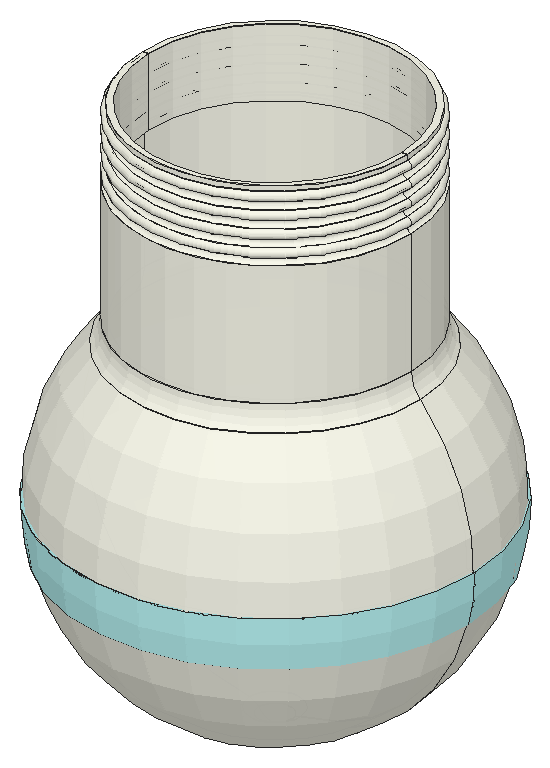
Revit family "BAF.PSTL", category Generic Models, Revit 2024
Family settings
  Can host rebar = No
  Round Connector Dimension = Use Diameter
  Part Type = Normal
  Work Plane-Based = No
  Always vertical = Yes
  Cut with Voids When Loaded = No
  Maintain Annotation Orientation = No
  Shared = No
  Room Calculation Point = No
Parameters
  Default Elevation = 0' - 0"
Reference planes (in)
  plane 1 "Center (Front/Back)": y = 0
  plane 2: z = 0
  plane 3 "Center (Left/Right)": x = 0
Forms (in)
  Revolve 1, solid, material "OPAL"
    sketch origin (0, 0, 0) x (1, 0, 0) y (0, 0, 1)
      loop
        arc (2.031, 28.80429) -> (2.09861, 28.73926) -> (2.03359, 28.67165) r 0.06634
        arc (2.03359, 28.67165) -> (2.05186, 28.62023) -> (2.09863, 28.59212) r 0.08088
        line (2.09863, 28.59212) -> (2.09863, 26.69799)
        arc (2.09863, 26.69799) -> (2.13333, 26.51496) -> (2.23262, 26.35734) r 0.5
        arc (2.23262, 26.35734) -> (2.87032, 23.24802) -> (0.39948, 21.25567) r 3.05
        arc (0.39948, 21.25567) -> (0.35871, 21.24078) -> (0.32809, 21.21001) r 0.1
        arc (0.32809, 21.21001) -> (0.18726, 21.07753) -> (0, 21.02939) r 0.3883
        line (0, 21.02939) -> (0, 21.12314)
        arc (0, 21.12314) -> (0.14205, 21.15966) -> (0.24887, 21.26015) r 0.29455
        arc (0.24887, 21.26015) -> (0.3082, 21.31976) -> (0.3872, 21.34861) r 0.19375
        arc (0.3872, 21.34861) -> (2.78209, 23.27972) -> (2.164, 26.29347) r 2.95625
        arc (2.164, 26.29347) -> (2.04609, 26.48064) -> (2.00488, 26.69799) r 0.59375
        line (2.00488, 26.69799) -> (2.00488, 28.59212) -> (1.94058, 28.59212) -> (1.94058, 29.65599) -> (2.03434, 29.65599) -> (2.03302, 29.57847)
        arc (2.03302, 29.57847) -> (2.10064, 29.51344) -> (2.03561, 29.44583) r 0.06634
        arc (2.03561, 29.44583) -> (1.9729, 29.38422) -> (2.03337, 29.32041) r 0.06273
        arc (2.03337, 29.32041) -> (2.09964, 29.25469) -> (2.0346, 29.18776) r 0.06634
        arc (2.0346, 29.18776) -> (1.97188, 29.12615) -> (2.03236, 29.06235) r 0.06273
        arc (2.03236, 29.06235) -> (2.09862, 28.99663) -> (2.03359, 28.92969) r 0.06634
        arc (2.03359, 28.92969) -> (1.97207, 28.86572) -> (2.03604, 28.8042) r 0.06276
      axis (0, 29.65599) -> (0, 21.02939)
    angle from 0 to 360
  Revolve 2, solid, material "TL"
    sketch origin (0, 0, 0) x (1, 0, 0) y (0, 0, 1)
      loop
        line (2.87842, 23.52862) -> (2.97504, 23.52862)
        arc (2.97504, 23.52862) -> (3.04304, 23.90088) -> (3.06582, 24.27862) r 3.14375
        line (3.06582, 24.27862) -> (2.97207, 24.27862)
        arc (2.97207, 24.27862) -> (2.94856, 23.90071) -> (2.87842, 23.52862) r 3.05
      axis (0, 24.27862) -> (0, 23.52862)
    angle from 0 to 360
Dimensions and locks (in)
  aligned and locked: plane 2 to level
